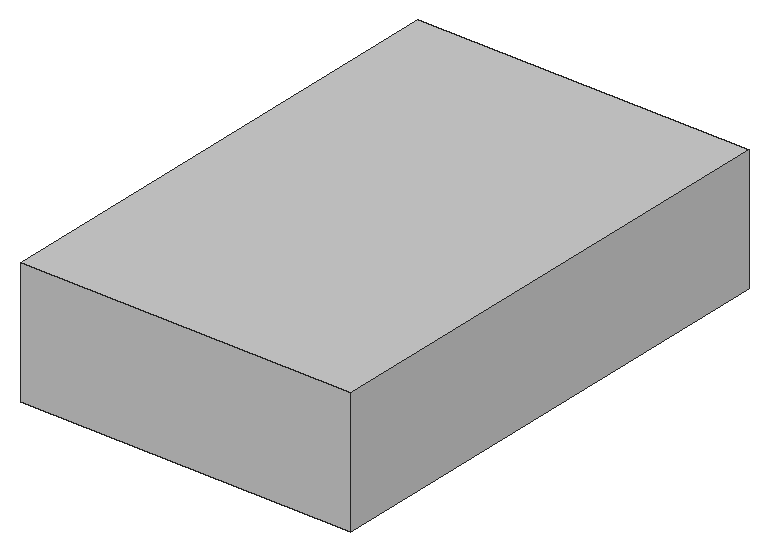
Revit family "Footing-Rectangular", category Structural Foundations, Revit 2022
Family settings
  Material for Model Behavior = Other
  Cap = No
  OmniClass Number = 23.25.05.17
  OmniClass Title = Shallow Foundations
  Work Plane-Based = No
  Always vertical = Yes
  Cut with Voids When Loaded = No
  Shared = No
Parameters (values of type "72" x 48" x 18"")
  Width = 4' - 0"
  Structural Material [instance] = Concrete, Cast-in-Place gray
  Length = 6' - 0"
  Foundation Thickness = 1' - 6"
  Assembly Code = "A1010100"
Types (2): name | Width | Length
  72" x 48" x 18" | 4' - 0" | 6' - 0"
  96" x 72" x 18" | 6' - 0" | 8' - 0"
Reference planes (in)
  plane 1 "Center (Front/Back)": y = 0
  plane 2: z = 0
  plane 3 "Center (Left/Right)": x = 0
  plane 4: x = -24
  plane 5: x = 24
  plane 6: y = 36
  plane 7: y = -36
Forms (in)
  Extrusion 1, solid, material "Concrete, Cast-in-Place gray" <- "Structural Material"
    sketch origin (0, 0, 0) x (1, 0, 0) y (0, 1, 0)
      loop
        line (-24, 36) -> (-24, -36) -> (24, -36) -> (24, 36) -> (-24, 36)
    from -18 to 0
Dimensions and locks (in)
  "Foundation Thickness": plane 2 to Extrusion 1
  "Width": plane 4 to plane 5
  "Length": plane 6 to plane 7
  equal spacing: plane 6, plane 1 "Center (Front/Back)", plane 7
  equal spacing: plane 4, plane 3 "Center (Left/Right)", plane 5
  aligned and locked: plane 4 to Extrusion 1 sketch curve
  aligned and locked: Extrusion 1 sketch curve to plane 5
  aligned and locked: Extrusion 1 sketch curve to plane 6
  aligned and locked: plane 7 to Extrusion 1 sketch curve
  aligned and locked: level to Extrusion 1
